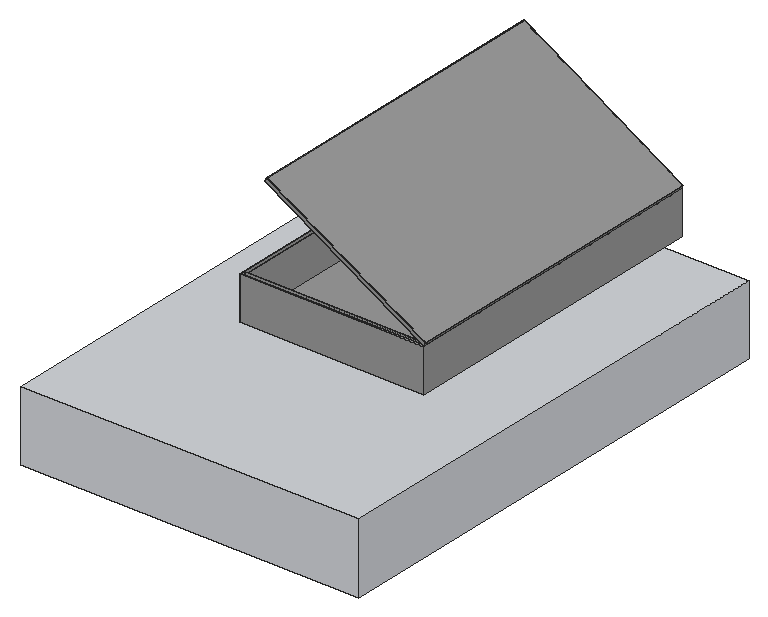
Revit family "Hager-Univers-IP44-D205-H1400-Cl.II-Encl-CH-de", category Equipement électrique, Revit 2020
Family settings
  Hôte = Face
  Configuration du panneau = Deux colonnes, circuits au sein
  Cote de connecteur circulaire = Utiliser le diamètre
  Type d'élément = Tableau de raccordement
  Couper avec des vides une fois chargée = Non
  Partagée = Non
  Point de calcul de pièce = Non
Parameters (values of type "Aufputz IP44 B800 H1400 T205  - FP93QS")
  Width Control [instance] = if([EF000008 - Breite] > Min Width, [EF000008 - Breite], Min Width)  # 800 mm
  Commentaires du type = [HG000003 - Bereich]  # "Univers"
  Thickness Door [instance] = if([EF009171 - Materialstärke Tür/Deckel] > 3 mm, 3 mm, [EF009171 - Materialstärke Tür/Deckel])  # 1 mm
  Seal Frame Offset [instance] = 17 mm  # constant formula
  Plinth Visibility [instance] = [HG000027 - Sockelhöhe] > 0 mm  # no
  Model = ""
  Min Width [instance] = 100 mm  # constant formula
  Min Height [instance] = 100 mm  # constant formula
  Min Depth [instance] = (2 * [EF009170 - Materialstärke Gehäuse]) + 1 mm  # 3 mm
  Internal Frame Depth [instance] = (Door System Depth * 0.5)  # 9 mm
  Height Control [instance] = if([EF000040 - Höhe] > Min Height, [EF000040 - Höhe], Min Height)  # 1400 mm
  HG000027 - Sockelhöhe = 0 mm
  HG000026 - Stehend auf dem Boden = no
  HG000024 - Höhe des unteren Teils = 800 mm
  HG000023 - Gehäuse mit doppeltem Querschnitt = no
  HG000016 - 3D-Türsichtbarkeit [instance] = yes
  HG000015 - Sichtbarkeit der Türöffnung [instance] = no
  HG000014 - Tür rechts [instance] = yes
  HG000013 - Tür links [instance] = not([HG000014 - Tür rechts])  # no
  HG000012 - Türschwenkwinkel [instance] = 30.00°
  HG000010 - Asymmetrische Türen = no
  HG000009 - Doppelflügeligen Tür = no
  HG000006 - Unterputz = no
  HG000004 - Herstellerreferenz = "FP93QS"
  HG000003 - Bereich = "Univers"
  HG000002 - Mit tür = yes
  Frame Offset Bottom [instance] = 10 mm  # constant formula
  Frame Offset [instance] = 15 mm  # constant formula
  EF015940 - Deckel mit Überdruckentlastung = no
  EF011959 - Schutzart (NEMA) = ""
  EF009554 - Anzahl der Öffnungen für Flanschplatten = 6
  Fabricant = "Hager"  # constant formula
  EF009212 - Ausführung Deckel = "EV000116 - geschlossen"
  EF009171 - Materialstärke Tür/Deckel = 1 mm
  EF009170 - Materialstärke Gehäuse = 1 mm
  EF008873 - Nennstrom (In) = 250 A
  EF007800 - Geeignet für Blitzschutz = no
  EF006306 - Mit Schloss = no
  EF006244 - Transparenter Deckel/Tür = no
  EF005474 - Schutzart (IP) = "EV006418 - IP44"
  EF004464 - Art der Tür = "EV002646 - Einzel"
  EF004427 - Anzahl der Module = 324
  EF004293 - Schlagfestigkeit = "EV006815 - IK09"
  EF003532 - Geeignet für Außengebrauch = no
  EF002950 - Breite in Teilungseinheiten = 36
  EF001613 - Funktionserhalt = "EV000494 - ohne"
  EF001596 - Werkstoff des Gehäuses = "EV000179 - Stahl"
  EF001131 - Innentiefe = 143 mm
  EF001088 - Anbaumöglichkeit = yes
  EF000437 - Anzahl der Leitungseinführungen = 6
  EF000339 - Art der Abdeckung = "EV001012 - Deckel"
  EF000266 - Anzahl der Reihen = 9
  EF000218 - Einbautiefe = 0 mm
  EF000118 - Mit Montageplatte = no
  EF000116 - RAL-Nummer = "9010"
  EF000049 - Tiefe = 205 mm
  EF000040 - Höhe = 1400 mm
  EF000008 - Breite = 800 mm
  EF000007 - Farbe = "EV000202 - weiß"
  EF000003 - Montageart = "EV000384 - Aufputz"
  Door System Leaf Tolerance [instance] = 1.5 mm  # constant formula
  Door System Depth [instance] = 18 mm  # constant formula
  Door Height [instance] = Height Control - [HG000027 - Sockelhöhe]  # 1400 mm
  Depth Control [instance] = if([EF000049 - Tiefe] > Min Depth, [EF000049 - Tiefe], Min Depth)  # 205 mm
  Default Elevation = 0 mm
  Connector Offset [instance] = Height Control / 2  # 700 mm
  Bottom Top Plate Trim [instance] = 1.5 mm  # constant formula
  Plinth height Ctrl [instance] = if([HG000027 - Sockelhöhe] > 0 mm, [HG000027 - Sockelhöhe], 12 mm)  # 12 mm
Types (5, lengths in mm): name | Width Control | HG000009 - Doppelflügeligen Tür | HG000004 - Herstellerreferenz | EF009554 - Anzahl der Öffnungen für Flanschplatten | EF004464 - Art der Tür | EF004427 - Anzahl der Module | EF002950 - Breite in Teilungseinheiten | EF000437 - Anzahl der Leitungseinführungen | EF000008 - Breite
  Aufputz IP44 B1050 H1400 T205  - FP94QS | 1050 | yes | "FP94QS" | 8 | "EV003602 - Doppel" | 432 | 48 | 8 | 1050
  Aufputz IP44 B1300 H1400 T205  - FP95QS | 1300 | yes | "FP95QS" | 10 | "EV003602 - Doppel" | 540 | 60 | 10 | 1300
  Aufputz IP44 B300 H1400 T205  - FP91QS | 300 | no | "FP91QS" | 2 | "EV002646 - Einzel" | 108 | 12 | 2 | 300
  Aufputz IP44 B550 H1400 T205  - FP92QS | 550 | no | "FP92QS" | 4 | "EV002646 - Einzel" | 216 | 24 | 4 | 550
  Aufputz IP44 B800 H1400 T205  - FP93QS | 800 | no | "FP93QS" | 6 | "EV002646 - Einzel" | 324 | 36 | 6 | 800
Reference planes
  plane 1 "Center (Front/Back)": y = 0
  plane 2: z = 0
  plane 3 "Center (Left/Right)": x = 0
  plane 4: z = 205
  plane 5: y = 1
  plane 6: y = 700
  plane 7: y = 0
  plane 8: y = 1400
  plane 9: z = 0
  plane 10: x = -385
  plane 11: x = 385
  plane 12: x = 384
  plane 13: x = -384
  plane 14: y = 1399
  plane 15: x = -383
  plane 16: x = -400
  plane 17: x = 383
  plane 18: x = 400
  plane 19: x = 399
  plane 20: x = -399
  plane 21: y = 11
  plane 22: y = 1400
  plane 23: y = 1384
  plane 24: z = 187
  plane 25: z = 1
  plane 26: z = 186
  plane 27: z = 204
Forms (mm)
  Extrusion 1, solid
    sketch origin (0, 0, 0) x (1, 0, 0) y (0, 1, 0)
      loop
        line (-702.964, 1305) -> (-702.964, -811.445) -> (766.763, -811.445) -> (766.763, 1305) -> (-702.964, 1305)
    from 0 to -304.8
  Extrusion 2, solid, material "Hager_Steel_RAL7035_Light_Grey", visible <- "Plinth Visibility", detail levels medium+fine
    sketch origin (0, 0, 0) x (1, 0, 0) y (0, 1, 0)
      loop
        line (-400, 0) -> (400, 0) -> (400, 12) -> (-400, 12) -> (-400, 0)
    from 0 to 187
  Extrusion 3, solid, material "Hager_Steel_RAL7035_Light_Grey", detail levels medium+fine
    sketch origin (0, 0, 0) x (1, 0, 0) y (0, 1, 0)
      loop
        line (-400, 0) -> (400, 0) -> (400, 1400) -> (-400, 1400) -> (-400, 0)
    from 0 to 187
  Extrusion 4, void
    sketch origin (0, 0, 0) x (1, 0, 0) y (0, 1, 0)
      loop
        line (-399, 1) -> (399, 1) -> (399, 1399) -> (-399, 1399) -> (-399, 1)
    from 1 to 186
  Extrusion 5, void
    sketch origin (-381.607, -4572, 187) x (0, -1, 0) y (-1, 0, 0)
      loop
        line (-4583, 2.393) -> (-5956, 2.393) -> (-5956, -765.607) -> (-4583, -765.607) -> (-4583, 2.393)
    from 0 to 1 <- "EF009170 - Materialstärke Gehäuse"
  Extrusion 6, solid, material "Hager_Steel_RAL7035_Light_Grey", detail levels fine
    sketch origin (0, 0, 187) x (1, 0, 0) y (0, 1, 0)
      loop
        line (-384, 1384) -> (-384, 11) -> (384, 11) -> (384, 1384) -> (-384, 1384)
      loop
        line (-385, 10) -> (385, 10) -> (385, 1385) -> (-385, 1385) -> (-385, 10)
    from 0 to 9 <- "Internal Frame Depth"
  Extrusion 7, solid, material "Hager_Steel_RAL7035_Light_Grey", detail levels coarse
    sketch origin (0, 0, 0) x (1, 0, 0) y (0, 1, 0)
      loop
        line (-400, 0) -> (400, 0) -> (400, 1400) -> (-400, 1400) -> (-400, 0)
    from 0 to 205
  Sweep 8, void
    path in 3D
      loop
        line (-400, 12, 0) -> (400, 12, 0) -> (400, 12, 187) -> (-400, 12, 187) -> (-400, 12, 0)
    profile origin (-400, 12, 93.5) x (-1, 0, 0) y (0, -1, 0)
      loop
        line (0, 0) -> (0, 1.5) -> (-1.5, 1.5)
        arc (-1.5, 1.5) -> (-1.061, 0.439) -> (0, 0) r 1.5
Cuts and joins
  Extrusion 4, Extrusion 5 cuts Extrusion 3
  Sweep 8 cuts Extrusion 2
Lines and regions (mm)
  Masking region 1
    outline origin (0, 0, 0) x (1, 0, 0) y (0, 0, 1)
      loop
        line (-400, 205) -> (-400, 0) -> (400, 0) -> (400, 205) -> (-400, 205)
  Masking region 2, detail levels medium+fine
    outline origin (0, 140, 0) x (0, 1, 0) y (0, 0, 1)
      loop
        line (-140, 0) -> (1260, 0) -> (1260, 187) -> (-140, 187) -> (-140, 0)
  Masking region 3, not visible, detail levels medium+fine
    outline origin (0, 297.922, 0) x (0, 1, 0) y (0, 0, 1)
      loop
        line (413.578, 0) -> (453.578, 0) -> (453.578, 194)
        arc (453.578, 194) -> (450.649, 201.071) -> (443.578, 204) r 10
        line (443.578, 204) -> (413.578, 204) -> (413.578, 0)
  Masking region 4, detail levels coarse
    outline origin (0, 0, 180) x (0, 1, 0) y (0, 0, 1)
      loop
        line (0, -180) -> (1400, -180) -> (1400, 25) -> (0, 25) -> (0, -180)
  Masking region 5, visible <- "Plinth Visibility", detail levels medium+fine
    outline origin (0, 52.24, 12.345) x (0, 0, -1) y (0, 1, 0)
      loop
        line (10.845, -40.24) -> (-173.155, -40.24)
        arc (-173.155, -40.24) -> (-173.594, -41.301) -> (-174.655, -41.74) r 1.5
        line (-174.655, -41.74) -> (-174.655, -52.24) -> (12.345, -52.24) -> (12.345, -41.74)
        arc (12.345, -41.74) -> (11.285, -41.301) -> (10.845, -40.24) r 1.5
  Masking region 6, detail levels medium+fine
    outline origin (-381.607, -4572, 187) x (-1, 0, 0) y (0, -1, 0)
      loop
        line (18.393, -5972) -> (18.393, -4572) -> (-781.607, -4572) -> (-781.607, -5972) -> (18.393, -5972)
  Masking region 7, visible <- "Plinth Visibility", detail levels medium+fine
    outline origin (-381.607, -4727, 187) x (-1, 0, 0) y (0, -1, 0)
      loop
        arc (16.893, -4739) -> (17.332, -4737.939) -> (18.393, -4737.5) r 1.5
        line (18.393, -4737.5) -> (18.393, -4727) -> (-781.607, -4727) -> (-781.607, -4737.5)
        arc (-781.607, -4737.5) -> (-780.546, -4737.939) -> (-780.107, -4739) r 1.5
        line (-780.107, -4739) -> (16.893, -4739)
  Masking region 8, detail levels coarse
    outline origin (-442.548, -4669.526, 187) x (-1, 0, 0) y (0, -1, 0)
      loop
        line (-42.548, -6069.526) -> (-42.548, -4669.526) -> (-842.548, -4669.526) -> (-842.548, -6069.526) -> (-42.548, -6069.526)
  sketch lines
    curve 1: line (-400, 12, 187) -> (-400, 12, 0)
    curve 2: line (400, 12, 187) -> (-400, 12, 187)
    curve 3: line (400, 12, 187) -> (400, 12, 0)
    curve 4: line (-400, 12, 0) -> (400, 12, 0)
Dimensions and locks
  "Depth Control": plane 4 to Extrusion 1
  "HG000027 - Sockelhöhe": plane 1 "Center (Front/Back)" to plane 7
  "EF009170 - Materialstärke Gehäuse": plane 5 to plane 7
  locked: connector elem to plane 3 "Center (Left/Right)"
  equal spacing: plane 8, plane 6, plane 7
  locked: connector elem to plane 6
  "EF009170 - Materialstärke Gehäuse": plane 8 to plane 14
  "EF009170 - Materialstärke Gehäuse": plane 10 to plane 13
  "EF009170 - Materialstärke Gehäuse": plane 12 to plane 11
  "Frame Offset": plane 20 to plane 13
  "Frame Offset": plane 12 to plane 19
  "EF009170 - Materialstärke Gehäuse": plane 16 to plane 20
  "EF009170 - Materialstärke Gehäuse": plane 19 to plane 18
  "Seal Frame Offset": plane 16 to plane 15
  "Seal Frame Offset": plane 17 to plane 18
  "Frame Offset Bottom": plane 21 to plane 5
  "Frame Offset": plane 14 to plane 23
  equal spacing: plane 16, plane 3 "Center (Left/Right)", plane 18
  "Width Control": plane 16 to plane 18
  "EF009170 - Materialstärke Gehäuse": plane 4 to plane 27
  "EF009170 - Materialstärke Gehäuse": plane 24 to plane 26
  "EF009170 - Materialstärke Gehäuse": plane 25 to level
  "Door System Depth": plane 4 to plane 24
  "Height Control": plane 1 "Center (Front/Back)" to Extrusion 7 sketch curve
  "Height Control": Masking region 4 sketch curve to plane 1 "Center (Front/Back)"
  "Height Control": plane 1 "Center (Front/Back)" to plane 22
  "Bottom Top Plate Trim": profile plane to Sweep 8 sketch curve
  "Bottom Top Plate Trim": Sweep 8 sketch curve to profile plane
  "Plinth height Ctrl": plane 1 "Center (Front/Back)" to Extrusion 2 sketch curve
  "Plinth height Ctrl": Masking region 5 sketch curve to plane 1 "Center (Front/Back)"
  "Plinth height Ctrl": plane 1 "Center (Front/Back)" to Masking region 7 sketch curve
  "Thickness Door": Extrusion 6 sketch curve to Extrusion 6 sketch curve  (x3)
  "Thickness Door": cut or joined group of Extrusion 3, Extrusion 4, Extrusion 5 to Extrusion 6 sketch curve
  radius of Masking region 3 sketch curve = 10 mm
  "Bottom Top Plate Trim": radius of Masking region 5 sketch curve  (x2)
  "Bottom Top Plate Trim": radius of Sweep 8 sketch curve
  "Bottom Top Plate Trim": radius of Masking region 7 sketch curve  (x2)
  aligned and locked: plane 2 to Extrusion 1
  aligned and locked: level to Extrusion 1
  aligned and locked: level to Masking region 1 sketch curve
  aligned and locked: Masking region 1 sketch curve to plane 18
  aligned and locked: Masking region 1 sketch curve to plane 16
  aligned and locked: plane 7 to Masking region 2 sketch curve
  aligned and locked: level to Masking region 3 sketch curve
  aligned and locked: Masking region 3 sketch curve to plane 27
  aligned and locked: level to Masking region 2 sketch curve
  aligned and locked: plane 1 "Center (Front/Back)" to Extrusion 2 sketch curve
  aligned and locked: Extrusion 3 sketch curve to plane 7
  aligned and locked: plane 16 to Extrusion 3 sketch curve
  aligned and locked: plane 18 to Extrusion 3 sketch curve
  aligned and locked: plane 20 to Extrusion 4 sketch curve
  aligned and locked: plane 19 to Extrusion 4 sketch curve
  aligned and locked: Extrusion 4 sketch curve to plane 5
  aligned and locked: Extrusion 4 to plane 25
  aligned and locked: plane 26 to Extrusion 4
  aligned and locked: plane 24 to Extrusion 3
  aligned and locked: Extrusion 5 sketch curve to plane 21
  aligned and locked: Extrusion 5 sketch curve to plane 13
  aligned and locked: Extrusion 5 sketch curve to plane 12
  aligned and locked: plane 18 to Extrusion 7 sketch curve
  aligned and locked: plane 1 "Center (Front/Back)" to Extrusion 7 sketch curve
  aligned and locked: plane 16 to Extrusion 7 sketch curve
  aligned and locked: plane 4 to Extrusion 7
  aligned and locked: Extrusion 7 to level
  aligned and locked: level to Masking region 4 sketch curve
  aligned and locked: Masking region 4 sketch curve to plane 1 "Center (Front/Back)"
  aligned and locked: Masking region 4 sketch curve to plane 4
  aligned and locked: nested 1 to level
  aligned and locked: nested 1 to plane 16
  aligned and locked: plane 8 to Extrusion 3 sketch curve
  aligned and locked: plane 23 to Extrusion 5 sketch curve
  aligned and locked: plane 14 to Extrusion 4 sketch curve
  aligned and locked: Masking region 2 sketch curve to plane 8
  aligned and locked: level to Masking region 5 sketch curve
  aligned and locked: plane 16 to Extrusion 2 sketch curve
  aligned and locked: plane 18 to Extrusion 2 sketch curve
  aligned and locked: Masking region 5 sketch curve to plane 24
  aligned and locked: Masking region 2 sketch curve to plane 24
  aligned and locked: plane 24 to Extrusion 2
  aligned and locked: profile plane to Sweep 8 sketch curve  (x2)
  aligned and locked: Masking region 6 sketch curve to plane 18
  aligned and locked: Masking region 6 sketch curve to plane 22
  aligned and locked: Masking region 6 sketch curve to plane 16
  aligned and locked: plane 8 to plane 22
  aligned and locked: Masking region 6 sketch curve to plane 7
  aligned and locked: Masking region 7 sketch curve to plane 16
  aligned and locked: Masking region 7 sketch curve to plane 1 "Center (Front/Back)"
  aligned and locked: Masking region 7 sketch curve to plane 18
  aligned and locked: Masking region 8 sketch curve to plane 1 "Center (Front/Back)"
  aligned and locked: Masking region 8 sketch curve to plane 18
  aligned and locked: Masking region 8 sketch curve to plane 22
  aligned and locked: Masking region 8 sketch curve to plane 16
  aligned and locked: nested 2 to plane 7
  aligned and locked: plane 3 "Center (Left/Right)" to nested 2
  aligned and locked: nested 2 to plane 24
  aligned and locked: Extrusion 6 sketch curve to cut or joined group of Extrusion 3, Extrusion 4, Extrusion 5  (x4)
Automatic sketch dimensions
  Extrusion 1 sketch curve to Extrusion 1 sketch curve = 1469.727 mm
  Extrusion 1 sketch curve to Extrusion 1 sketch curve = 2116.445 mm
  Masking region 1 sketch curve to plane 4 = 0 mm
  plane 6 to Masking region 3 sketch curve = 11.5 mm
  Masking region 3 sketch curve to Masking region 3 sketch curve = 30 mm
  Masking region 5 sketch curve to plane 1 "Center (Front/Back)" = 0 mm
Nested families
  nested 1: "Hager_Enclosure_Symbol" at (-400, 0, 0) x (1, 0, 0) z (0, -1, 0), Height <- "Depth Control", Width <- "Width Control", type "Hager_Enclosure_Symbol"
    with Width_Ctrl 800 mm, Width 800 mm, Height_Ctrl 205 mm, Height 205 mm, A_Width_Int 13.453 mm, A_Width 161.438 mm, A_Height_Ctrl 179.375 mm, A_Height 179.375 mm
  nested 2: "EC000058_Univers_Door" at (0, 0, 187) x (1, 0, 0) z (0, 1, 0), Leaf_Tolerance <- "Door System Leaf Tolerance", Angle <- "HG000012 - Türschwenkwinkel", Door_Depth <- "Door System Depth", Door_Left <- "HG000013 - Tür links", Transparent <- "EF006244 - Transparenter Deckel/Tür", Assymetrical <- "HG000010 - Asymmetrische Türen", Width <- "Width Control", Clearance <- "HG000015 - Sichtbarkeit der Türöffnung", Double <- "HG000009 - Doppelflügeligen Tür", 3d_Door <- "HG000016 - 3D-Türsichtbarkeit", Lock_Visibility <- "EF006306 - Mit Schloss", Width_Ctrl <- "Width Control", Door_Right <- "HG000014 - Tür rechts", Door <- "HG000002 - Mit tür", Height <- "Door Height", Thickness <- "Thickness Door", type "EC000058_Univers_Door", detail levels medium+fine
    with min_wh 3 mm, Width_Ctrl 800 mm, Width 800 mm, Transparent no, Thickness 1 mm, Seal_Material Hager_Rubber, Lock_Visibility no, Lock_Material Hager_Plastic_RAL9005_Jet_Black, Leaf_Width 800 mm, Leaf_Tolerance_External_Sides 0 mm, Leaf_Tolerance 1.5 mm, Leaf_Offset 0 mm, Leaf_Height 1397 mm, Leaf_2_Width 800 mm, Leaf_2_Offset 400 mm, Leaf_1_Width 800 mm, Leaf_1_Offset 400 mm, Height_Ctrl 1400 mm, Height 1400 mm, Glass_Material Hager_Glass, Double_Clearance_Ctrl no, Double no, Door_Right_Ctrl yes, Door_Right yes, Door_Material Hager_Steel_RAL7035_Light_Grey, Door_Left_Ctrl no, Door_Left no, Door_Depth 18 mm, Door yes, Clearance_Material Hager_Clearance, Clearance_Depth 800 mm, Clearance_Ctrl no, Clearance no, Assymetrical no, Angle 30.00°, 3d_Door yes
Connectors
  electrical at (0, 700, 0)
    settings: on plane 9, index 1, voltage 0 V, apparent load 0 VA, apparent load phase1 0 VA, apparent load phase2 0 VA, apparent load phase3 0 VA, power factor 1, load classification "Other", number of poles 1, system type 30, power factor state 1, is connector primary yes, connector utility no, sub classification motor no, connector description ""
Definition of nested family "EC000058_Univers_Door"
  Parameters (values of type "EC000058_Univers_Door")
    min_wh [instance] = (2 * Thickness) + 1 mm  # 11 mm
    Width_Ctrl [instance] = 400 mm
    Width [instance] = 500 mm
    Transparent [instance] = yes
    Thickness [instance] = 5 mm
    Seal_Material [instance] = none
    Lock_Visibility [instance] = yes
    Lock_Material [instance] = none
    Leaf_Width [instance] = if((Width_Ctrl - 2 * Leaf_Tolerance_External_Sides) > 0 mm, (Width_Ctrl - 2 * Leaf_Tolerance_External_Sides), min_wh)  # 400 mm
    Leaf_Tolerance_External_Sides [instance] = 0 mm  # constant formula
    Leaf_Tolerance [instance] = 1.5 mm
    Leaf_Offset [instance] = 0 mm  # constant formula
    Leaf_Height [instance] = if((Height_Ctrl - 2 * Leaf_Tolerance) > 0 mm, (Height_Ctrl - 2 * Leaf_Tolerance), min_wh)  # 497 mm
    Leaf_2_Width [instance] = if(and(and(Double, Assymetrical), Door_Left), (Leaf_Width / 3) - (Leaf_Tolerance / 2), if(and(and(Double, Assymetrical), Door_Right), (Leaf_Width / 3) * 2 - (Leaf_Tolerance / 2), if(and(Double, not(Assymetrical)), (Leaf_Width / 2) - Leaf_Tolerance, Leaf_Width)))  # 400 mm
    Leaf_2_Offset [instance] = if(and(Double, Assymetrical), Leaf_2_Width / 2, if(and(Double, not(Assymetrical)), Leaf_Width / 4, Leaf_Width / 2))  # 200 mm
    Leaf_1_Width [instance] = if(and(and(Double, Assymetrical), Door_Right), (Leaf_Width / 3) - (Leaf_Tolerance / 2), if(and(and(Double, Assymetrical), Door_Left), (Width / 3) * 2 - (Leaf_Tolerance / 2), if(and(Double, not(Assymetrical)), (Leaf_Width / 2) - Leaf_Tolerance, Leaf_Width)))  # 400 mm
    Leaf_1_Offset [instance] = if(and(Double, Assymetrical), Leaf_1_Width / 2, if(and(Double, not(Assymetrical)), Leaf_Width / 4, Leaf_Width / 2))  # 200 mm
    Height_Ctrl [instance] = if(Height > min_wh, Height, min_wh)  # 500 mm
    Height [instance] = 500 mm
    Glass_Material [instance] = none
    Double_Clearance_Ctrl [instance] = and(Double, Clearance)  # no
    Double [instance] = no
    Door_Right_Ctrl [instance] = and(or(Door_Right, Double), Door)  # yes
    Door_Right [instance] = yes
    Door_Material [instance] = none
    Door_Left_Ctrl [instance] = and(or(Door_Left, Double), Door)  # no
    Door_Left [instance] = no
    Door_Depth [instance] = 30 mm
    Door [instance] = yes
    Default Elevation = 1219.2 mm
    Clearance_Material [instance] = none
    Clearance_Depth [instance] = if(Leaf_1_Width > Leaf_2_Width, Leaf_1_Width, Leaf_2_Width)  # 400 mm
    Clearance_Ctrl [instance] = and(not(Double), Clearance)  # yes
    Clearance [instance] = yes
    Assymetrical [instance] = yes
    Angle [instance] = 30.00°
    3d_Door [instance] = yes
  Reference planes
    plane 1 "Center (Front/Back)": y = 0
    plane 2 "Bottom": z = 0
    plane 3 "Center (Left/Right)": x = 0
    plane 4: z = 500
    plane 5: x = -200
    plane 6: x = 200
    plane 7: z = 500
    plane 8: x = -200
    plane 9: z = 0
    plane 10: x = 200
    plane 11: y = 0
    plane 12: z = 1.5
    plane 13: x = -600
    plane 14: y = -400
    plane 15: x = 600
    plane 16: x = 0
    plane 17: x = 0
    plane 18: x = -200
    plane 19: x = 200
    plane 20: z = 498.5
  Forms (mm)
    Extrusion 1, solid, material <- "Clearance_Material", visible <- "Double_Clearance_Ctrl"
      sketch origin (1200, 0, 0) x (1, 0, 0) y (0, 0, -1)
        loop
          line (-1800, -498.5) -> (-600, -498.5) -> (-600, 0) -> (-1800, 0) -> (-1800, -498.5)
      from 0 to -400
  Dimensions and locks
    equal spacing: plane 5, plane 3 "Center (Left/Right)", plane 6
    "Width_Ctrl": plane 5 to plane 6
    "Leaf_Offset": plane 5 to plane 8
    "Leaf_Offset": plane 6 to plane 10
    "Leaf_Offset": plane 9 to level
    "Leaf_Offset": plane 4 to plane 7
    "Height_Ctrl": plane 4 to level
    "Leaf_Tolerance": plane 12 to plane 9
    locked: plane 11 to plane 1 "Center (Front/Back)"
    "Leaf_1_Offset": plane 18 to plane 16
    "Leaf_2_Offset": plane 17 to plane 19
    "Leaf_1_Width": plane 13 to plane 8
    "Leaf_2_Width": plane 10 to plane 15
    "Clearance_Depth": plane 14 to plane 1 "Center (Front/Back)"
    "Leaf_Tolerance_External_Sides": plane 8 to plane 18
    "Leaf_Tolerance_External_Sides": plane 19 to plane 10
    "Leaf_Tolerance": plane 7 to plane 20
    aligned and locked: level to plane 2 "Bottom"
    aligned and locked: nested 1 to plane 16
    aligned and locked: nested 2 to plane 17
    aligned and locked: Extrusion 1 to plane 13
    aligned and locked: plane 15 to Extrusion 1
    aligned and locked: Extrusion 1 to plane 14
    aligned and locked: plane 12 to nested 1
    aligned and locked: nested 2 to plane 12
    aligned and locked: Extrusion 1 to plane 11
    aligned and locked: plane 20 to Extrusion 1
    aligned and locked: nested 2 to plane 11
    aligned and locked: nested 1 to plane 11
  Automatic sketch dimensions
    Extrusion 1 sketch curve to level = 0 mm
    plane 5 to Extrusion 1 sketch curve = 400 mm
    plane 6 to Extrusion 1 sketch curve = 400 mm
    Extrusion 1 sketch curve to plane 4 = 1.5 mm
  Nested families
    nested 1: "EC000058_Univers_Door_Leaf" at (0, 0, 1.5), Width <- "Leaf_1_Width", visible <- "Door_Left_Ctrl", Leaf_Height <- "Leaf_Height", Angle <- "Angle", 3d_Door <- "3d_Door", Transparent <- "Transparent", Clearance Material <- "Clearance_Material", Clearance <- "Clearance_Ctrl", Door_Material <- "Door_Material", Glass_Material <- "Glass_Material", Door_Depth <- "Door_Depth", Lock_Material <- "Lock_Material", Seal_Material <- "Seal_Material", Lock_Visibility <- "Lock_Visibility", Thickness <- "Thickness", type "EC000058_Univers_Door_Leaf"
      with Width 400 mm, Transparent_Glass_Offset 30 mm, Transparent_Ctrl yes, Transparent yes, Thickness 5 mm, Standard no, Seal_Material none, Seal_D2 8 mm, Seal_D1 1 mm, Offset_Internal_Frame 10 mm, Lock_Width 20 mm, Lock_Visibility_3d yes, Lock_Visibility yes, Lock_Thickness_3 3 mm, Lock_Thickness_2 1 mm, Lock_Thickness_1 3 mm, Lock_Radius_Offset_2 16 mm, Lock_Radius_Offset_1 15 mm, Lock_Radius_2 5 mm, Lock_Radius 6 mm, Lock_Offset 5 mm, Lock_Material none, Lock_Height 80 mm, Lock_Cover_Top_Offset_2d 17 mm, Lock_Cover_Height -65 mm, Leaf_Height 497 mm, Internal_Seal_Thickness 8 mm, Internal_Seal_Depth_2 4.5 mm, Internal_Frame_Depth 25 mm, Glass_Thickness -1 mm, Glass_Offset -2 mm, Glass_Material none, Door_Material none, Door_Depth 30 mm, Clearance Material none, Clearance yes, Angle_Ctrl 30.00°, Angle 30.00°, 3d_Door yes
    nested 2: "EC000058_Univers_Door_Leaf" at (0, 0, 1.5) x (-1, 0, 0) z (0, 0, 1), Width <- "Leaf_2_Width", visible <- "Door_Right_Ctrl", Leaf_Height <- "Leaf_Height", Angle <- "Angle", 3d_Door <- "3d_Door", Transparent <- "Transparent", Clearance Material <- "Clearance_Material", Clearance <- "Clearance_Ctrl", Door_Material <- "Door_Material", Glass_Material <- "Glass_Material", Door_Depth <- "Door_Depth", Lock_Material <- "Lock_Material", Seal_Material <- "Seal_Material", Lock_Visibility <- "Lock_Visibility", Thickness <- "Thickness", type "EC000058_Univers_Door_Leaf"
      with Width 400 mm, Transparent_Glass_Offset 30 mm, Transparent_Ctrl yes, Transparent yes, Thickness 5 mm, Standard no, Seal_Material none, Seal_D2 8 mm, Seal_D1 1 mm, Offset_Internal_Frame 10 mm, Lock_Width 20 mm, Lock_Visibility_3d yes, Lock_Visibility yes, Lock_Thickness_3 3 mm, Lock_Thickness_2 1 mm, Lock_Thickness_1 3 mm, Lock_Radius_Offset_2 16 mm, Lock_Radius_Offset_1 15 mm, Lock_Radius_2 5 mm, Lock_Radius 6 mm, Lock_Offset 5 mm, Lock_Material none, Lock_Height 80 mm, Lock_Cover_Top_Offset_2d 17 mm, Lock_Cover_Height -65 mm, Leaf_Height 497 mm, Internal_Seal_Thickness 8 mm, Internal_Seal_Depth_2 4.5 mm, Internal_Frame_Depth 25 mm, Glass_Thickness -1 mm, Glass_Offset -2 mm, Glass_Material none, Door_Material none, Door_Depth 30 mm, Clearance Material none, Clearance yes, Angle_Ctrl 30.00°, Angle 30.00°, 3d_Door yes
  Definition of nested family "EC000058_Univers_Door_Leaf"
    Parameters (values of type "EC000058_Univers_Door_Leaf")
      Width [instance] = 2000 mm
      Transparent_Glass_Offset [instance] = 30 mm
      Transparent_Ctrl [instance] = and(Transparent, [3d_Door])  # yes
      Transparent [instance] = yes
      Thickness [instance] = 5 mm
      Standard [instance] = and(not(Transparent), [3d_Door])  # no
      Seal_Material [instance] = none
      Seal_D2 [instance] = 8 mm  # constant formula
      Seal_D1 [instance] = 1 mm  # constant formula
      Offset_Internal_Frame [instance] = 10 mm  # constant formula
      Lock_Width [instance] = 20 mm  # constant formula
      Lock_Visibility_3d [instance] = and(Lock_Visibility, [3d_Door])  # yes
      Lock_Visibility [instance] = yes
      Lock_Thickness_3 [instance] = 3 mm  # constant formula
      Lock_Thickness_2 [instance] = 1 mm  # constant formula
      Lock_Thickness_1 [instance] = 3 mm  # constant formula
      Lock_Radius_Offset_2 [instance] = Lock_Radius_Offset_1 + 1 mm  # 16 mm
      Lock_Radius_Offset_1 [instance] = 15 mm  # constant formula
      Lock_Radius_2 [instance] = Lock_Radius - 1 mm  # 5 mm
      Lock_Radius [instance] = 6 mm  # constant formula
      Lock_Offset [instance] = 5 mm  # constant formula
      Lock_Material [instance] = none
      Lock_Height [instance] = 80 mm  # constant formula
      Lock_Cover_Top_Offset_2d [instance] = Lock_Radius_Offset_2 + 1 mm  # 17 mm
      Lock_Cover_Height [instance] = -(Lock_Height - Lock_Radius_Offset_1)  # -65 mm
      Leaf_Height [instance] = 2720.336 mm
      Internal_Seal_Thickness [instance] = 8 mm  # constant formula
      Internal_Seal_Depth_2 [instance] = 4.5 mm  # constant formula
      Internal_Frame_Depth [instance] = if(Door_Depth - Thickness > 5 mm, Door_Depth - Thickness, 5 mm)  # 25 mm
      Glass_Thickness [instance] = if(Thickness > 15 mm, Glass_Offset + 10 mm, -1 mm)  # -1 mm
      Glass_Offset [instance] = if(Thickness > 15 mm, -(Thickness + 10 mm) / 2, -2 mm)  # -2 mm
      Glass_Material [instance] = none
      Door_Material [instance] = none
      Door_Depth [instance] = 30 mm
      Default Elevation = 0 mm
      Clearance Material [instance] = none
      Clearance [instance] = yes
      Angle_Ctrl [instance] = if(Angle > 180.00°, 180.00°, Angle)  # 90.00°
      Angle [instance] = 90.00°
      3d_Door [instance] = yes
    Reference planes
      plane 1 "Center (Front/Back)": y = 0
      plane 2: z = 0
      plane 3 "Center (Left/Right)": x = 0
      plane 4: y = 2000
      plane 5: x = -1000
      plane 6: x = 1000
      plane 7: x = -3000
      plane 8: z = 2720.336
      plane 9: z = 30
      plane 10: z = 2690.336
      plane 11: x = 970
      plane 12: x = -970
      plane 13: y = -3
      plane 14: z = 107.833
      plane 15: y = -5
      plane 16: y = -223.314
      plane 17: x = -1000
      plane 18: z = 1360.168
      plane 19: y = 30
    Forms (mm)
      Extrusion 1, solid, material <- "Clearance Material", visible <- "Clearance"
        sketch origin (0, 0, 0) x (1, 0, 0) y (0, 0, 1)
          loop
            line (-3000, 2720.336) -> (-3000, 0) -> (1000, 0) -> (1000, 2720.336) -> (-3000, 2720.336)
        from 0 to -2000
      Extrusion 2, solid, material <- "Door_Material", visible <- "Standard", detail levels medium+fine
        sketch origin (-1000, 0, 0) x (0, 1, 0) y (-1, 0, 0)
          loop
            line (0, 30) -> (0, 25) -> (2000, 25) -> (2000, 30) -> (0, 30)
        from 0 to 2720.336 <- "Leaf_Height"
      Extrusion 3, solid, material <- "Door_Material", visible <- "Transparent_Ctrl", detail levels medium+fine
        sketch origin (-1000, 0, 0) x (0, 1, 0) y (-1, 0, 0)
          loop
            line (0, 25) -> (2000, 25) -> (2000, 30) -> (0, 30) -> (0, 25)
        from 0 to 2720.336 <- "Leaf_Height"
      Extrusion 4, void
        sketch origin (-1025, 2000, 0) x (0, 1, 0) y (0, 0, -1)
          loop
            line (-30, -2690.336) -> (-30, -30) -> (-1970, -30) -> (-1970, -2690.336) -> (-30, -2690.336)
        from 0 to 5 <- "Thickness"
      Sweep 5, solid, material <- "Seal_Material", visible <- "Transparent_Ctrl", detail levels fine
        path in 3D
          loop
            line (-1025, 30, 30) -> (-1025, 30, 2690.336) -> (-1025, 1970, 2690.336) -> (-1025, 1970, 30) -> (-1025, 30, 30)
        profile origin (-1025, 1000, 30) x (1, 0, 0) y (0, 0, 1)
          loop
            line (0, 0) -> (0, -8) -> (1, -8) -> (1, 0) -> (0, 0)
      Extrusion 6, solid, material <- "Glass_Material", visible <- "Transparent_Ctrl", detail levels medium+fine
        sketch origin (-1030, 0, 0) x (0, 1, 0) y (0, 0, -1)
          loop
            line (1970, -2690.336) -> (1970, -30) -> (30, -30) -> (30, -2690.336) -> (1970, -2690.336)
        from -2 <- "Glass_Offset" to -1 <- "Glass_Thickness"
      Extrusion 7, solid, material <- "Door_Material", visible <- "3d_Door", detail levels medium+fine
        sketch origin (-1025, 2000, 0) x (0, -1, 0) y (0, 0, -1)
          loop
            line (0, -2720.336) -> (2000, -2720.336) -> (2000, 0) -> (0, 0) -> (0, -2720.336)
          loop
            line (1995, -5) -> (5, -5) -> (5, -2715.336) -> (1995, -2715.336) -> (1995, -5)
        from 0 to 25 <- "Internal_Frame_Depth"
      Sweep 8, solid, material <- "Seal_Material", visible <- "Transparent_Ctrl", detail levels fine
        path in 3D
          loop
            line (-1025, 0, 0) -> (-1025, 2000, 0) -> (-1025, 2000, 2720.336) -> (-1025, 0, 2720.336) -> (-1025, 0, 0)
        profile origin (-1025, 0, 1360.168) x (1, 0, 0) y (0, 1, 0)
          loop
            line (0, 10) -> (2.975, 10)
            arc (2.975, 10) -> (4.053, 10.447) -> (4.5, 11.525) r 1.525
            line (4.5, 11.525) -> (4.5, 16.527)
            arc (4.5, 16.527) -> (4.069, 17.569) -> (3.027, 18) r 1.473
            line (3.027, 18) -> (0, 18) -> (0, 10)
      Extrusion 9, solid, material <- "Lock_Material", visible <- "Lock_Visibility_3d", detail levels fine
        sketch origin (-1030, 0, 0) x (0, 1, 0) y (0, 0, -1)
          loop
            arc (1993.5, -1400.168) -> (1994.561, -1399.729) -> (1995, -1398.668) r 1.5
            line (1995, -1398.668) -> (1995, -1320.168) -> (1975, -1320.168) -> (1975, -1398.668)
            arc (1975, -1398.668) -> (1975.439, -1399.729) -> (1976.5, -1400.168) r 1.5
            line (1976.5, -1400.168) -> (1993.5, -1400.168)
        from 3 <- "Lock_Thickness_1" to 0
      Blend 10, solid, material <- "Lock_Material", visible <- "Lock_Visibility_3d", detail levels fine
        base sketch origin (-1033, 0, 0) x (0, 1, 0) y (0, 0, -1)
          loop
            line (1975, -1320.168) -> (1975, -1398.668)
            arc (1975, -1398.668) -> (1975.439, -1399.729) -> (1976.5, -1400.168) r 1.5
            line (1976.5, -1400.168) -> (1993.5, -1400.168)
            arc (1993.5, -1400.168) -> (1994.561, -1399.729) -> (1995, -1398.668) r 1.5
            line (1995, -1398.668) -> (1995, -1320.168) -> (1975, -1320.168)
        top sketch origin (-1033, 0, 0) x (0, 1, 0) y (0, 0, -1)
          loop
            line (1976, -1320.168) -> (1976, -1398.668)
            arc (1976, -1398.668) -> (1976.146, -1399.022) -> (1976.5, -1399.168) r 0.5
            line (1976.5, -1399.168) -> (1993.5, -1399.168)
            arc (1993.5, -1399.168) -> (1993.854, -1399.022) -> (1994, -1398.668) r 0.5
            line (1994, -1398.668) -> (1994, -1320.168) -> (1976, -1320.168)
        from 0 to 1 <- "Lock_Thickness_2"
      Blend 11, solid, material <- "Lock_Material", visible <- "Lock_Visibility_3d", detail levels fine
        base sketch origin (-1034, 0, 0) x (0, 1, 0) y (0, 0, -1)
          loop
            line (1978, -1320.168) -> (1978, -1384.168)
            arc (1978, -1384.168) -> (1985, -1391.168) -> (1992, -1384.168) r 7
            line (1992, -1384.168) -> (1992, -1320.168) -> (1978, -1320.168)
        top sketch origin (-1034, 0, 0) x (0, 1, 0) y (0, 0, -1)
          loop
            line (1991, -1320.168) -> (1979, -1320.168) -> (1979, -1383.168)
            arc (1979, -1383.168) -> (1985, -1389.168) -> (1991, -1383.168) r 6
            line (1991, -1383.168) -> (1991, -1320.168)
        from 0 to 3 <- "Lock_Thickness_3"
      Extrusion 12, solid, material <- "Lock_Material", visible <- "Lock_Visibility_3d", detail levels fine
        sketch origin (-1030, 1975, 1320.168) x (1, 0, 0) y (0, -1, 0)
          loop
            line (-7, -19) -> (-7, -1) -> (0, -1) -> (0, 0) -> (-8, 0) -> (-8, -20) -> (0, -20) -> (0, -19) -> (-7, -19)
        from 0 to -65 <- "Lock_Cover_Height"
      Extrusion 13, void
        sketch origin (-1038, 1995, 1320.168) x (-1, 0, 0) y (0, 0, -1)
          loop
            line (-5, -65) -> (0, -65) -> (-5, -60) -> (-5, -65)
        from 0 to 20 <- "Lock_Width"
      Extrusion 14, void
        sketch origin (-1038, 1975, 1320.168) x (0, -1, 0) y (0, 0, -1)
          loop
            circle (-10, -15.995) r 6
          loop
            circle (-10, -15.995) r 5
        from 0 to 2
      Extrusion 15, solid, material <- "Lock_Material", visible <- "Lock_Visibility_3d", detail levels medium
        sketch origin (-1030, 0, 0) x (0, 1, 0) y (0, 0, -1)
          loop
            arc (1993.5, -1400.168) -> (1994.561, -1399.729) -> (1995, -1398.668) r 1.5
            line (1995, -1398.668) -> (1995, -1320.168) -> (1975, -1320.168) -> (1975, -1398.668)
            arc (1975, -1398.668) -> (1975.439, -1399.729) -> (1976.5, -1400.168) r 1.5
            line (1976.5, -1400.168) -> (1993.5, -1400.168)
        from 8 to 0
    Cuts and joins
      Extrusion 4 cuts Extrusion 3
      Extrusion 13, Extrusion 14 cuts Extrusion 9
      Extrusion 14 cuts Blend 11
      Extrusion 13, Extrusion 14 cuts Extrusion 12
      joined: Extrusion 9, Blend 10, Blend 11, Extrusion 12
      Extrusion 14 cuts Extrusion 15
    Lines and regions (mm)
      Masking region 1, visible <- "Lock_Visibility", detail levels fine
        outline origin (0, 0, 0) x (0, 1, 0) y (0, 0, 1)
          loop
            line (30, 1320.168) -> (33, 1320.168) -> (33, 1400.168) -> (30, 1400.168) -> (30, 1320.168)
      Masking region 2, visible <- "Lock_Visibility", detail levels fine
        outline origin (0, 3.143, 0) x (0, 1, 0) y (0, 0, 1)
          loop
            line (29.857, 1354.168) -> (30.857, 1354.168) -> (30.857, 1366.168) -> (29.857, 1366.168) -> (29.857, 1354.168)
      Masking region 3, detail levels medium+fine
        outline origin (0, 0, 0) x (0, 1, 0) y (0, 0, 1)
          loop
            line (0, 0) -> (30, 0) -> (30, 2720.336) -> (0, 2720.336) -> (0, 0)
      Masking region 4, detail levels medium+fine
        outline origin (0, 0, 0) x (1, 0, 0) y (0, 0, 1)
          loop
            line (-1000, 2720.336) -> (-1000, 0) -> (1000, 0) -> (1000, 2720.336) -> (-1000, 2720.336)
      Masking region 5, visible <- "Lock_Visibility", detail levels fine
        outline origin (-47.116, 0, 0) x (1, 0, 0) y (0, 0, 1)
          loop
            arc (1024.616, 1399.168) -> (1023.556, 1398.729) -> (1023.116, 1397.668) r 1.5
            line (1023.116, 1397.668) -> (1023.116, 1320.168) -> (1041.116, 1320.168) -> (1041.116, 1397.668)
            arc (1041.116, 1397.668) -> (1040.677, 1398.729) -> (1039.616, 1399.168) r 1.5
            line (1039.616, 1399.168) -> (1024.616, 1399.168)
      Masking region 6, visible <- "Lock_Visibility", detail levels medium+fine
        outline origin (-25, 0, 0) x (1, 0, 0) y (0, 0, 1)
          loop
            arc (1001.5, 1400.168) -> (1000.439, 1399.729) -> (1000, 1398.668) r 1.5
            line (1000, 1398.668) -> (1000, 1320.168) -> (1020, 1320.168) -> (1020, 1398.668)
            arc (1020, 1398.668) -> (1019.561, 1399.729) -> (1018.5, 1400.168) r 1.5
            line (1018.5, 1400.168) -> (1001.5, 1400.168)
      Masking region 7, visible <- "Lock_Visibility", detail levels fine
        outline origin (-73.735, 0, 0) x (1, 0, 0) y (0, 0, 1)
          loop
            line (1051.735, 1382.168) -> (1065.735, 1382.168) -> (1065.735, 1384.168)
            arc (1065.735, 1384.168) -> (1058.735, 1391.168) -> (1051.735, 1384.168) r 7
            line (1051.735, 1384.168) -> (1051.735, 1382.168)
      Masking region 8, visible <- "Lock_Visibility", detail levels fine
        outline origin (-73.735, 0, 0) x (1, 0, 0) y (0, 0, 1)
          loop
            line (1052.735, 1382.168) -> (1064.735, 1382.168) -> (1064.735, 1383.168)
            arc (1064.735, 1383.168) -> (1058.735, 1389.168) -> (1052.735, 1383.168) r 6
            line (1052.735, 1383.168) -> (1052.735, 1382.168)
      Masking region 9, visible <- "Lock_Visibility", detail levels fine
        outline origin (-25, 0, 0) x (1, 0, 0) y (0, 0, 1)
          loop
            line (1020, 1320.168) -> (1020, 1382.168) -> (1000, 1382.168) -> (1000, 1320.168) -> (1020, 1320.168)
      Masking region 10, detail levels medium+fine
        outline origin (0, 0, 0) x (1, 0, 0) y (0, 0, 1)
          loop
            circle (985, 1335.144) r 6
      Masking region 11, detail levels fine
        outline origin (0, 0, 0) x (1, 0, 0) y (0, 0, 1)
          loop
            circle (985, 1335.144) r 5
      Masking region 12, visible <- "Lock_Visibility", detail levels fine
        outline origin (0, 12.767, 0) x (0, 1, 0) y (0, 0, 1)
          loop
            line (20.233, 1320.168) -> (21.233, 1320.168) -> (21.233, 1399.168) -> (20.233, 1400.168) -> (20.233, 1320.168)
      Masking region 13, visible <- "Lock_Visibility", detail levels fine
        outline origin (0, 13.767, -10) x (0, 1, 0) y (0, 0, 1)
          loop
            line (20.233, 1330.168) -> (23.233, 1330.168) -> (23.233, 1399.168) -> (20.233, 1402.168) -> (20.233, 1330.168)
      Masking region 14, visible <- "Lock_Visibility", detail levels fine
        outline origin (0, 12.767, -10) x (0, 1, 0) y (0, 0, 1)
          loop
            line (20.233, 1330.168) -> (25.233, 1330.168) -> (25.233, 1399.305) -> (20.233, 1394.305) -> (20.233, 1330.168)
      Masking region 15, visible <- "Lock_Visibility", detail levels medium
        outline origin (0, 0, 0) x (0, 1, 0) y (0, 0, 1)
          loop
            line (30, 1320.168) -> (38, 1320.168) -> (38, 1400.168) -> (30, 1400.168) -> (30, 1320.168)
      Masking region 16, visible <- "Lock_Visibility", detail levels fine
        outline origin (-1000, 0, 0) x (0, 1, 0) y (-1, 0, 0)
          loop
            line (1975, 30) -> (1995, 30) -> (1995, 38) -> (1975, 38) -> (1975, 30)
          loop
            line (1979, 37) -> (1976, 37) -> (1976, 34) -> (1978, 34) -> (1979, 37)
          loop
            line (1994, 37) -> (1991, 37) -> (1992, 34) -> (1994, 34) -> (1994, 37)
      Masking region 17, visible <- "Lock_Visibility", detail levels medium
        outline origin (-1000, 0, 0) x (0, 1, 0) y (-1, 0, 0)
          loop
            line (1975, 30) -> (1995, 30) -> (1995, 38) -> (1975, 38) -> (1975, 30)
      symbolic lines
        curve 1: line (1000, 0, 0) -> (-3000, 0, 0)
        curve 2: arc (1000, 0, 0) -> (-1000, 2000, 0) -> (-3000, 0, 0) r 2000
        curve 4: line (-1030, 0, 0) -> (-1030, 2000, 0)
      reference lines
        curve 3: line (-1000, 0, 0) -> (-1000, 2000, 0)
      symbolic lines, detail levels medium+fine
        curve 5: line (-1030, 2000, 0) -> (-1025, 2000, 0)
        curve 7: line (-1025, 0, 0) -> (-1030, 0, 0)
        curve 8: line (-1025, 0, 0) -> (-1000, 0, 0)
        curve 9: line (-1000, 0, 0) -> (-1000, 2000, 0)
        curve 10: line (-1000, 2000, 0) -> (-1025, 2000, 0)
      symbolic lines, detail levels fine
        curve 6: line (-1025, 2000, 0) -> (-1025, 0, 0)
      sketch lines
        curve 11: line (-1025, 0, 2720.336) -> (-1025, 0, 0)
        curve 12: line (-1025, 2000, 0) -> (-1025, 0, 0)
        curve 13: line (-1025, 2000, 2720.336) -> (-1025, 2000, 0)
        curve 14: line (-1025, 0, 2720.336) -> (-1025, 2000, 2720.336)
        curve 15: line (-1025, 1970, 30) -> (-1025, 30, 30)
        curve 16: line (-1025, 30, 30) -> (-1025, 30, 2690.336)
        curve 17: line (-1025, 1970, 2690.336) -> (-1025, 1970, 30)
        curve 18: line (-1025, 30, 2690.336) -> (-1025, 1970, 2690.336)
      symbolic lines, visible <- "Transparent", detail levels medium+fine
        curve 19: line (-970, 0, 2690.336) -> (970, 0, 2690.336)
        curve 20: line (-970, 0, 30) -> (-970, 0, 2690.336)
        curve 21: line (970, 0, 30) -> (-970, 0, 30)
        curve 22: line (970, 0, 2690.336) -> (970, 0, 30)
    Dimensions and locks
      "Width": plane 1 "Center (Front/Back)" to plane 4
      equal spacing: plane 5, plane 3 "Center (Left/Right)", plane 6
      "Width": plane 5 to plane 6
      "Width": plane 7 to plane 5
      "Leaf_Height": plane 8 to level
      "Width": curve 5 to curve 3
      "Width": curve 3 to curve 3
      plane 8 to plane 10 = 30 mm
      plane 9 to level = 30 mm
      plane 12 to plane 5 = 30 mm
      plane 6 to plane 11 = 30 mm
      Extrusion 1 to Extrusion 4 sketch curve = 30 mm
      "Transparent_Glass_Offset": curve 3 to Extrusion 4 sketch curve
      "Transparent_Glass_Offset": Extrusion 4 sketch curve to cut or joined group of Extrusion 3, Extrusion 4  (x2)
      cut or joined group of Extrusion 3, Extrusion 4 to Extrusion 6 sketch curve = 30 mm
      "Transparent_Glass_Offset": cut or joined group of Extrusion 3, Extrusion 4 to Extrusion 4 sketch curve
      "Thickness": curve 6 to curve 4
      "Thickness": Extrusion 7 sketch curve to Extrusion 7 sketch curve  (x4)
      "Door_Depth": curve 4 to curve 3
      "Offset_Internal_Frame": profile plane to Sweep 8 sketch curve
      "Internal_Seal_Thickness": Sweep 8 sketch curve to Sweep 8 sketch curve
      "Internal_Seal_Depth_2": profile plane to Sweep 8 sketch curve
      "Seal_D1": profile plane to Sweep 5 sketch curve
      "Seal_D2": profile plane to Sweep 5 sketch curve
      "Thickness": Extrusion 2 sketch curve to Extrusion 2 sketch curve
      equal spacing: Extrusion 9 sketch curve, plane 18, Extrusion 9 sketch curve  (x2)
      equal spacing: Masking region 1 sketch curve, plane 18, Masking region 1 sketch curve
      "Lock_Height": Masking region 1 sketch curve to Masking region 1 sketch curve
      "Lock_Radius": Masking region 2 sketch curve to plane 18 to Masking region 2 sketch curve
      Masking region 2 sketch curve to Masking region 1 = 1 mm
      "Door_Depth": plane 19 to plane 1 "Center (Front/Back)"
      "Lock_Thickness_1": Masking region 1 sketch curve to plane 19
      "Lock_Width": Extrusion 9 sketch curve to Extrusion 9 sketch curve
      "Lock_Height": Extrusion 9 sketch curve to Extrusion 9 sketch curve
      "Lock_Offset": cut or joined group of Extrusion 3, Extrusion 4 to Extrusion 9 sketch curve
      equal spacing: plane 8, plane 18, level
      "Lock_Radius_Offset_1": Blend 11 sketch curve to Blend 10
      locked: Blend 10 to Blend 11 sketch curve at 2  (x2)
      locked: var sketch to Blend 11 sketch curve at 1  (x2)
      "Lock_Radius_Offset_2": Blend 11 sketch curve to Blend 10
      locked: Extrusion 12 sketch curve to Extrusion 12 sketch curve at 1  (x3)
      Masking region 6 sketch curve to Masking region 6 sketch curve = 80 mm
      "Lock_Height": Masking region 6 sketch curve to Masking region 6 sketch curve
      "Lock_Width": Masking region 6 sketch curve to Masking region 6 sketch curve
      locked: Masking region 6 to Masking region 5 sketch curve at 1  (x3)
      locked: Masking region 5 to Masking region 7 sketch curve at 2  (x2)
      "Lock_Radius_Offset_1": Masking region 5 to Masking region 7 sketch curve
      "Lock_Radius_Offset_2": Masking region 5 to Masking region 8 sketch curve
      locked: Masking region 7 to Masking region 8 sketch curve at 1  (x2)
      "Lock_Cover_Top_Offset_2d": Masking region 5 to Masking region 9 sketch curve
      equal spacing: Masking region 9, Masking region 10 sketch curve, Masking region 9
      equal spacing: Masking region 9, Masking region 11 sketch curve, Masking region 9
      Extrusion 15 sketch curve to Extrusion 15 sketch curve = 80 mm
      "Lock_Width": Extrusion 15 sketch curve to Extrusion 15 sketch curve
      "Lock_Height": Extrusion 15 sketch curve to Extrusion 15 sketch curve
      equal spacing: Extrusion 15 sketch curve, plane 18, Extrusion 15 sketch curve
      "Lock_Thickness_3": Masking region 13 sketch curve to Masking region 13 sketch curve
      "Lock_Height": Masking region 12 sketch curve to Masking region 12 sketch curve
      locked: Masking region 13 sketch curve to Masking region 1 at 8
      locked: Masking region 14 sketch curve to Masking region 13 at 1
      locked: Masking region 14 sketch curve to Masking region 1 at 10.863
      "Lock_Height": Masking region 15 sketch curve to Masking region 15 sketch curve
      "Lock_Offset": Extrusion 15 sketch curve to cut or joined group of Extrusion 3, Extrusion 4
      "Lock_Offset": plane 6 to Masking region 6 sketch curve
      radius of Sweep 8 sketch curve = 1.525 mm
      radius of Sweep 8 sketch curve = 1.473 mm
      radius of Extrusion 9 sketch curve = 1.5 mm  (x2)
      "Lock_Radius": radius of Extrusion 14 sketch curve
      "Lock_Radius_2": radius of Extrusion 14 sketch curve
      "Lock_Radius": radius of Masking region 10 sketch curve
      "Lock_Radius_2": radius of Masking region 11 sketch curve
      radius of Extrusion 15 sketch curve = 1.5 mm  (x2)
      "Angle_Ctrl": angle plane 1 "Center (Front/Back)" to curve 3
      locked: Masking region 12 sketch curve to Masking region 12 sketch curve (angle 45.00°)
      locked: Masking region 13 sketch curve to Masking region 13 sketch curve (angle 45.00°)
      locked: Masking region 14 sketch curve to Masking region 14 sketch curve (angle 45.00°)
      aligned and locked: level to plane 2
      aligned and locked: Extrusion 1 to curve 1
      aligned and locked: plane 6 to Extrusion 1
      aligned and locked: Extrusion 1 to plane 1 "Center (Front/Back)"
      aligned and locked: plane 4 to Extrusion 1
      aligned and locked: plane 8 to Extrusion 1
      aligned and locked: curve 7 to Extrusion 2 sketch curve
      aligned and locked: curve 5 to Extrusion 2 sketch curve
      aligned and locked: curve 7 to Extrusion 3 sketch curve
      aligned and locked: Extrusion 3 sketch curve to curve 4
      aligned and locked: Extrusion 3 sketch curve to curve 6
      aligned and locked: Extrusion 3 sketch curve to curve 5
      aligned and locked: curve 9 to curve 3
      aligned and locked: Extrusion 7 sketch curve to cut or joined group of Extrusion 3, Extrusion 4  (x4)
      aligned and locked: plane 17 to curve 3
      aligned and locked: plane 1 "Center (Front/Back)" to curve 3
      aligned and locked: plane 17 to plane 5
      aligned and locked: Sweep 8 sketch curve to profile plane
      aligned and locked: Sweep 5 sketch curve to profile plane  (x2)
      aligned and locked: Masking region 1 to Masking region 2 sketch curve
      aligned and locked: plane 19 to Masking region 1 sketch curve
      aligned and locked: plane 1 "Center (Front/Back)" to Masking region 3 sketch curve
      aligned and locked: plane 19 to Masking region 3 sketch curve
      aligned and locked: level to Masking region 3 sketch curve
      aligned and locked: Masking region 3 sketch curve to plane 8
      aligned and locked: plane 17 to Masking region 4 sketch curve
      aligned and locked: level to Masking region 4 sketch curve
      aligned and locked: Masking region 4 sketch curve to plane 8
      aligned and locked: plane 12 to curve 20
      aligned and locked: plane 10 to curve 19
      aligned and locked: plane 11 to curve 22
      aligned and locked: curve 21 to plane 9
      aligned and locked: Extrusion 2 sketch curve to cut or joined group of Extrusion 3, Extrusion 4
      aligned and locked: Blend 10 sketch curve to Extrusion 9  (x4)
      aligned and locked: Extrusion 9 to Blend 10 sketch curve
      aligned and locked: Blend 10 to Blend 11 sketch curve
      aligned and locked: Extrusion 12 sketch curve to Blend 11
      aligned and locked: Extrusion 12 sketch curve to Extrusion 9  (x4)
      aligned and locked: Masking region 5 sketch curve to Masking region 6
      aligned and locked: Masking region 9 sketch curve to Masking region 6  (x3)
      aligned and locked: Masking region 12 sketch curve to Masking region 1
      aligned and locked: Masking region 13 sketch curve to Masking region 1
      aligned and locked: Masking region 12 to Masking region 14
      aligned and locked: Masking region 14 sketch curve to Masking region 1
      aligned and locked: Masking region 15 sketch curve to Masking region 14
      aligned and locked: Masking region 13 sketch curve to Masking region 12
      aligned and locked: Masking region 16 sketch curve to cut or joined group of Extrusion 14, Extrusion 15  (x4)
      aligned and locked: Masking region 16 sketch curve to cut or joined group of Extrusion 9, Blend 10, Blend 11, Extrusion 12, Extrusion 13, Extrusion 14  (x6)
      aligned and locked: cut or joined group of Extrusion 9, Blend 10, Blend 11, Extrusion 12, Extrusion 13, Extrusion 14 to Masking region 16 sketch curve
      aligned and locked: Masking region 17 sketch curve to cut or joined group of Extrusion 14, Extrusion 15  (x3)
      aligned and locked: Masking region 17 sketch curve to cut or joined group of Extrusion 9, Blend 10, Blend 11, Extrusion 12, Extrusion 13, Extrusion 14
      aligned and locked: Masking region 9 to Masking region 8 sketch curve
      aligned and locked: Masking region 9 to Masking region 7 sketch curve
    Automatic sketch dimensions
      plane 1 "Center (Front/Back)" to curve 2 = 0 mm
      curve 2 to plane 5 = 0 mm
      Extrusion 1 sketch curve to level = 0 mm
      Extrusion 1 sketch curve to plane 7 = 0 mm
      Extrusion 1 sketch curve to plane 6 = 0 mm
      Extrusion 1 sketch curve to plane 8 = 0 mm
      Extrusion 3 to Extrusion 6 sketch curve = 30 mm  (x4)
      Masking region 4 sketch curve to plane 6 = 0 mm
      Blend 10 sketch curve to Extrusion 9 = 1.5 mm
      Blend 10 sketch curve to Extrusion 9 = 1 mm
      Extrusion 13 sketch curve to Extrusion 12 = 0 mm  (x2)
      Extrusion 12 to Extrusion 13 sketch curve = 3 mm
      Extrusion 13 sketch curve to Extrusion 12 = 5 mm
      Extrusion 14 sketch curve to Extrusion 14 sketch curve = 0 mm  (x2)
      Extrusion 14 sketch curve to Extrusion 12 = 10 mm
      Extrusion 14 sketch curve to Extrusion 12 = 15.995 mm
      Masking region 5 sketch curve to Masking region 5 sketch curve = 1.5 mm  (x2)
      Masking region 10 sketch curve to plane 18 = 25.024 mm
      Masking region 11 sketch curve to plane 18 = 25.024 mm
      plane 19 to Masking region 14 sketch curve = 3 mm
      Masking region 16 sketch curve to Masking region 16 sketch curve = 3 mm
      curve 4 to curve 3 = 0 mm
      Blend 10 to Blend 11 sketch curve = 0 mm
      Masking region 6 sketch curve to Masking region 6 sketch curve = 1.5 mm  (x2)
      Masking region 6 sketch curve to plane 18 = 40 mm
      plane 19 to Masking region 12 sketch curve = 3 mm
      Masking region 12 sketch curve to Masking region 12 sketch curve = 1 mm
      Masking region 15 sketch curve to plane 19 = 0 mm
      Masking region 15 sketch curve to plane 18 = 40 mm
      radius of Blend 10 sketch curve to Extrusion 9 = 1 mm
Definition of nested family "Hager_Enclosure_Symbol"
  Parameters (values of type "Hager_Enclosure_Symbol")
    Width_Ctrl [instance] = if(Width > 1 mm, Width, 1 mm)  # 102.27 mm
    Width [instance] = 102.27 mm
    Height_Ctrl [instance] = if(Height > 1 mm, Height, 1 mm)  # 66.5 mm
    A_Width_Int [instance] = if(A_Width / 12 > 2 mm, A_Width / 12, 2 mm)  # 4.364 mm
    A_Width [instance] = if(A_Height_Ctrl * 0.9 > 2 mm, A_Height_Ctrl * 0.9, 2 mm)  # 52.369 mm
    A_Height_Ctrl [instance] = if(A_Height > 2 mm, A_Height, 2 mm)  # 58.188 mm
    Height [instance] = 66.5 mm
    A_Height [instance] = Height - (Height / 8)  # 58.188 mm
  Reference planes
    plane 1 "Centre (avant/arrière)": y = 0
    plane 2: z = 0
    plane 3 "Centre (gauche/droite)": x = 0
    plane 4: x = 52.369
    plane 5: y = 33.042
    plane 6: y = 41.77
    plane 7: y = 66.5
    plane 8: x = 26.184
    plane 9: y = 37.406
    plane 10: x = 102.27
    plane 11: y = 66.5
    plane 12: y = 8.313
  Lines and regions (mm)
    Filled region 1, type "Solid_Black", in view "Niveau de réf."
      outline origin (0, 0, 0) x (1, 0, 0) y (0, 1, 0)
        loop
          line (52.369, 66.5) -> (33.188, 54.536) -> (45.365, 45.006) -> (52.369, 66.5)
    Filled region 2, type "Solid_Black", in view "Niveau de réf."
      outline origin (0, 0, 0) x (1, 0, 0) y (0, 1, 0)
        loop
          line (0, 0) -> (102.27, 0) -> (102.27, 66.5) -> (0, 0)
    detail lines, in view "Niveau de réf."
      curve 1: line (0, 8.313, 0) -> (26.184, 41.77, 0)
      curve 2: line (26.184, 41.77, 0) -> (26.184, 33.042, 0)
      curve 3: line (26.184, 33.042, 0) -> (52.369, 66.5, 0)
  Dimensions and locks
    "A_Width": plane 3 "Centre (gauche/droite)" to plane 4
    equal spacing: plane 3 "Centre (gauche/droite)", plane 8, plane 4
    equal spacing: plane 6, plane 9, plane 5
    equal spacing: curve 3, Filled region 1 sketch curve, Filled region 1 sketch curve
    "Height_Ctrl": plane 1 "Centre (avant/arrière)" to plane 11
    "A_Height_Ctrl": plane 11 to plane 12
    equal spacing: plane 11, plane 9, plane 12
    "A_Width_Int": plane 6 to plane 9
    "Width_Ctrl": plane 3 "Centre (gauche/droite)" to plane 10
    angle Filled region 1 sketch curve to curve 3 = 20.00°
    angle curve 3 to Filled region 1 sketch curve = 20.00°
    locked: curve 3 to Filled region 1 sketch curve (angle 90.00°)
    aligned and locked: plane 10 to Filled region 2
    aligned and locked: plane 11 to Filled region 2 sketch curve
    aligned and locked: plane 10 to Filled region 2 sketch curve
    aligned and locked: plane 3 "Centre (gauche/droite)" to curve 1
    aligned and locked: plane 12 to curve 1
    aligned and locked: plane 7 to plane 11
  Automatic sketch dimensions
    Filled region 1 sketch curve to plane 4 = 0 mm
    Filled region 1 sketch curve to plane 7 = 0 mm
    plane 1 "Centre (avant/arrière)" to Filled region 2 sketch curve = 0 mm
    Filled region 2 sketch curve to plane 3 "Centre (gauche/droite)" = 0 mm
    curve 2 to plane 6 = 0 mm
    curve 2 to plane 8 = 0 mm
    curve 3 to plane 4 = 0 mm
    curve 2 to plane 5 = 0 mm
    curve 3 to plane 7 = 0 mm
